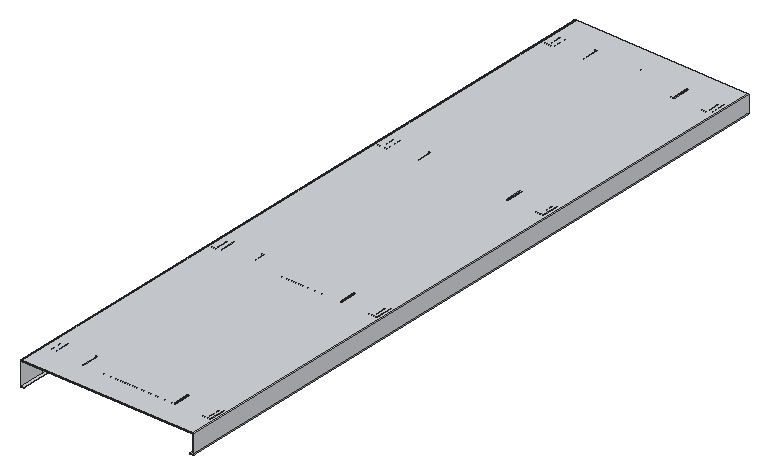
Revit family "AT500", category 一般モデル, Revit 2020
Family settings
  鉄筋をホスト可能 = いいえ
  丸型コネクタ寸法 = 直径を使用
  パーツ タイプ = 標準
  作業面ベース = いいえ
  常に垂直 = はい
  ロード時にボイドで切り取り = いいえ
  共有 = いいえ
  部屋計算ポイント = いいえ
Parameters
  笠木長さ [instance] = 2000 mm
  既定の高さ = 0 mm
  定尺笠木長さ = 4000 mm
  固定金具数 [instance] = 4
  判定 [instance] = if(笠木長さ > 4000 mm, 定尺笠木長さ, 笠木長さ)  # 2000 mm
Reference planes
  plane 1 "中心(正面/背面)": y = 0
  plane 2: z = 0
  plane 3 "中心(左/右)": x = 0
  plane 4: x = 250
  plane 5: x = -250
  plane 6: z = -43
  plane 7: y = -2000
  plane 8: y = -100
  plane 9: y = -1900
Forms (mm)
  Extrusion 1, solid
    sketch origin (-238.963, 0, -159.88) x (1, 0, 0) y (0, 0, 1)
      loop
        arc (-8.927, 186.801) -> (-10.412, 186.256) -> (-11.037, 184.804) r 2
        line (-11.037, 184.804) -> (-11.037, 118.88)
        arc (-11.037, 118.88) -> (-10.451, 117.466) -> (-9.037, 116.88) r 2
        line (-9.037, 116.88) -> (-1.037, 116.88) -> (-1.037, 118.88) -> (-9.037, 118.88) -> (-9.037, 184.273)
        arc (-9.037, 184.273) -> (-8.885, 184.632) -> (-8.522, 184.773) r 0.5
        line (-8.522, 184.773) -> (486.964, 169.969) -> (486.964, 118.88) -> (478.964, 118.88) -> (478.964, 116.88) -> (486.964, 116.88)
        arc (486.964, 116.88) -> (488.4, 117.488) -> (488.963, 118.943) r 2
        line (488.963, 118.943) -> (488.963, 170.017)
        arc (488.963, 170.017) -> (488.382, 171.364) -> (487.038, 171.953) r 2
        line (487.038, 171.953) -> (-8.927, 186.801)
    from 0 to 2000
  Extrusion 2, solid, not visible
    sketch origin (0, 0, 0) x (1, 0, 0) y (0, 0, 1)
      loop
        arc (-8.927, 186.801) -> (-10.412, 186.256) -> (-11.037, 184.804) r 2
        line (-11.037, 184.804) -> (-11.037, 118.88)
        arc (-11.037, 118.88) -> (-10.451, 117.466) -> (-9.037, 116.88) r 2
        line (-9.037, 116.88) -> (-1.037, 116.88) -> (-1.037, 118.88) -> (-9.037, 118.88) -> (-9.037, 184.273)
        arc (-9.037, 184.273) -> (-8.885, 184.632) -> (-8.522, 184.773) r 0.5
        line (-8.522, 184.773) -> (486.964, 169.969) -> (486.964, 118.88) -> (478.964, 118.88) -> (478.964, 116.88) -> (486.964, 116.88)
        arc (486.964, 116.88) -> (488.4, 117.488) -> (488.963, 118.943) r 2
        line (488.963, 118.943) -> (488.963, 170.017)
        arc (488.963, 170.017) -> (488.382, 171.364) -> (487.038, 171.953) r 2
        line (487.038, 171.953) -> (-8.927, 186.801)
    from 0 to 250
Dimensions and locks
  locked: plane 5 to plane 3 "中心(左/右)" at 250
  locked: plane 6 to plane 2 at 43
  plane 4 to plane 5 = 500 mm
  "笠木長さ": plane 7 to plane 1 "中心(正面/背面)"
  locked: plane 8 to plane 1 "中心(正面/背面)" at 100
  locked: plane 7 to plane 9 at 100
  locked: plane 8 to nested 1 at 25
  equal spacing: group 2, group 4, group 5, group 3  (x2)
  equal spacing: group 3, group 5, group 4, group 2
  locked: plane 9 to nested 2 at 25
  "判定": Extrusion 1 to plane 1 "中心(正面/背面)"
  aligned and locked: level to plane 2
  aligned and locked: Extrusion 1 to plane 5
  aligned and locked: plane 6 to Extrusion 1
  aligned and locked: plane 7 to Extrusion 1
Automatic sketch dimensions
  Extrusion 1 sketch curve to plane 5 = 0 mm
  Extrusion 1 sketch curve to plane 6 = 0 mm  (x2)
  plane 5 to Extrusion 1 sketch curve = 2 mm  (x2)
  Extrusion 1 sketch curve to Extrusion 1 sketch curve = 0 mm  (x18)
  Extrusion 1 sketch curve to Extrusion 1 sketch curve = 0.11 mm
  Extrusion 1 sketch curve to Extrusion 1 sketch curve = 0.5 mm
  Extrusion 1 sketch curve to Extrusion 1 sketch curve = 8 mm
  Extrusion 1 sketch curve to plane 6 = 2 mm
  Extrusion 1 sketch curve to plane 4 = 9.999 mm
  Extrusion 1 sketch curve to plane 4 = 1.999 mm  (x2)
  Extrusion 1 sketch curve to plane 4 = 0 mm
  Extrusion 1 sketch curve to Extrusion 1 sketch curve = 2 mm
  Extrusion 1 sketch curve to Extrusion 1 sketch curve = 0.063 mm
  level to Extrusion 1 sketch curve = 10.074 mm
  Extrusion 1 sketch curve to Extrusion 1 sketch curve = 0.016 mm
  Extrusion 1 sketch curve to Extrusion 1 sketch curve = 0.047 mm
  level to Extrusion 1 sketch curve = 24.393 mm
  Extrusion 1 sketch curve to Extrusion 1 sketch curve = 0.531 mm
  Extrusion 1 sketch curve to Extrusion 1 sketch curve = 1.997 mm
  plane 5 to Extrusion 1 sketch curve = 0 mm
  Extrusion 1 sketch curve to Extrusion 1 sketch curve = 0.015 mm
  Extrusion 1 sketch curve to plane 4 = 1.925 mm
  Extrusion 1 sketch curve to Extrusion 1 sketch curve = 0.001 mm
Nested families
  nested 1: "ATAF500" at (0, -75, 0), type "ATAF500"
  nested 2: "ATAF500" at (0, -1875, 0), type "ATAF500"
  nested 3: "ATAF500" at (0, -675, 0), type "ATAF500"
  nested 4: "ATAF500" at (0, -1275, 0), type "ATAF500"
Definition of nested family "ATAF500"
  Parameters
    Default Elevation = 0 mm
  Reference planes
    plane 1 "中心(正面/背面)": y = 0
    plane 2: z = 0
    plane 3 "中心(左/右)": x = 0
  Forms (mm)
    Extrusion 1, solid
      sketch origin (-342.409, 0, -431.427) x (1, 0, 0) y (0, 0, 1)
        loop
          line (558.409, 443.888) -> (558.409, 438.977)
          arc (558.409, 438.977) -> (557.734, 437.479) -> (556.165, 436.992) r 2
          line (556.165, 436.992) -> (542.391, 438.627) -> (530.658, 438.627) -> (478.409, 438.627) -> (478.409, 446.557) -> (474.219, 446.696) -> (473.828, 443.505) -> (473.924, 446.396) -> (342.409, 449.929) -> (214.169, 453.372) -> (213.908, 443.679) -> (213.908, 453.687) -> (209.408, 453.837) -> (209.408, 438.627) -> (152.259, 438.627) -> (142.837, 438.626) -> (133.682, 437.957)
          arc (133.682, 437.957) -> (130.679, 439.023) -> (129.408, 441.946) r 4
          line (129.408, 441.946) -> (129.406, 447.445) -> (128.408, 456.05) -> (104.408, 457.327) -> (94.408, 398.722) -> (94.408, 393.747) -> (96.232, 393.747) -> (107.597, 448.672)
          arc (107.597, 448.672) -> (108.88, 450.729) -> (111.192, 451.458) r 3.5
          line (111.192, 451.458) -> (121.523, 450.908)
          arc (121.523, 450.908) -> (123.216, 450.138) -> (123.908, 448.411) r 2.5
          line (123.908, 448.411) -> (123.908, 431.427) -> (213.908, 431.427) -> (213.908, 443.484) -> (473.64, 436.507) -> (473.909, 439.312) -> (473.909, 431.427) -> (564.009, 431.427) -> (564.009, 436.501)
          arc (564.009, 436.501) -> (564.97, 437.632) -> (566.402, 438.019) r 2.5
          line (566.402, 438.019) -> (574.425, 437.753)
          arc (574.425, 437.753) -> (576.464, 437.013) -> (577.675, 435.214) r 3.5
          line (577.675, 435.214) -> (588.409, 397.515) -> (588.409, 393.747) -> (590.409, 393.747) -> (590.401, 400.781) -> (580.409, 443.157) -> (558.409, 443.888)
      from 0 to 50
  Dimensions and locks
    Extrusion 1 to plane 3 "中心(左/右)" = 0 mm
    Extrusion 1 to level = 0 mm
    aligned and locked: level to plane 2
